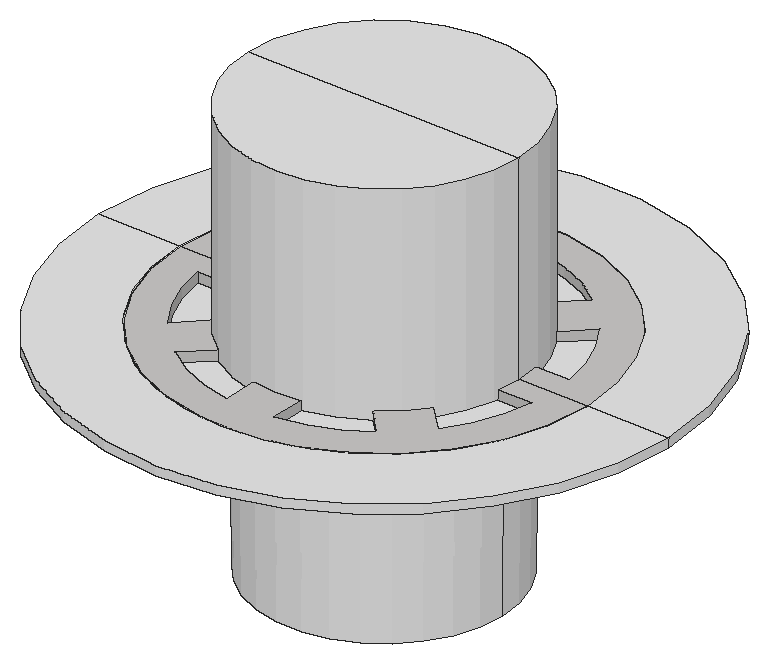
Revit family "Viking Roofspec Drain 01 M02", category Pipe Fittings, host Face, Revit 2021
Family settings
  Host = Face
  Round Connector Dimension = Use Diameter
  Part Type = Cap
  Cut with Voids When Loaded = No
  Shared = No
Parameters (values of type "Drains - All Through Balcony Drain - 80mm")
  URL = "www.vikingroofspec.co.nz"
  Type Comments = "Viking Roofspec 80mmØ ALLThrough balcony drain SDM057 installed as per manufacturers instructions."
  Pipe Diameter = 80 mm
  Overall Cut Height = 2.8 mm
  Overall Cut Diameter = 180.1 mm
  Model = "SDM057"
  Material = Viking Roofspec - Plastic White
  Manufacturer = "Viking Roofspec"  # constant formula
  Height = 62.6 mm
  Grate Material = Viking Roofspec - Stainless Steel
  Flow Out = 3.26 L/s
  Default Elevation = 0 mm
  Cut Height = 68.9 mm
  Cut Diameter = 140 mm
  Component = SDM057 : SDM057
Reference planes
  plane 1 "Center (Front/Back)": y = 0
  plane 2: z = 0
  plane 3 "Center (Left/Right)": x = 0
  plane 4 "Pipe Connector": z = -68.9
  plane 5 "Pipe Top Connector": z = 62.6
  plane 6: z = -2.8
Forms (mm)
  Extrusion 1, void
    sketch origin (0, 0, 0) x (1, 0, 0) y (0, 1, 0)
      loop
        circle (0, 0) r 70
    from 0 to -68.9
  Extrusion 2, void
    sketch origin (0, 0, 0) x (1, 0, 0) y (0, 1, 0)
      loop
        circle (0, 0) r 90.05
    from -2.8 to 0
Dimensions and locks
  "Cut Height": host face to plane 4 "Pipe Connector"
  "Overall Cut Height": level to plane 6
  "Height": plane 5 "Pipe Top Connector" to host face
  "Cut Diameter": diameter of Extrusion 1 sketch curve
  "Overall Cut Diameter": diameter of Extrusion 2 sketch curve
  aligned and locked: plane 2 to host face
  aligned and locked: level to host face
  aligned and locked: plane 4 "Pipe Connector" to Extrusion 1
  aligned and locked: Extrusion 2 to plane 6
Automatic sketch dimensions
  host sketch curve to host sketch curve = 2438.4 mm  (x2)
  plane 1 "Center (Front/Back)" to Extrusion 1 sketch curve = 0 mm
  Extrusion 1 sketch curve to plane 3 "Center (Left/Right)" = 0 mm
  plane 1 "Center (Front/Back)" to Extrusion 2 sketch curve = 0 mm
  Extrusion 2 sketch curve to plane 3 "Center (Left/Right)" = 0 mm
Nested families
  nested 1: "SDM057" at (0, 0, 0), type <- "Component", Grate Material <- "Grate Material", Material <- "Material", type "SDM057"
Connectors
  piping at (0, 0, -68.9), diameter 80, driven by "Pipe Diameter", driven by "Flow Out"
    settings: index 3, connector inside diameter 609.6 mm, connector length 0 mm, flow factor 0, pipe flow 3.26 L/s, pressure drop 0.0 Pa, fitting loss kfactor 0, connector angle 0.00°, fixture units 0, engagement length 0 mm, angle of deflection 0.00°, flow configuration 1, flow direction 2, fitting loss method 4, system type 16, joint type 0, gender type 0, connector reference index 4, connector utility 0, adjustable connector no, is connector primary yes, connector description "Downpipe Out"
  piping at (0, 0, 62.6), diameter 80, driven by "Pipe Diameter", driven by "Flow Out"
    settings: index 4, connector inside diameter 609.6 mm, connector length 0 mm, flow factor 0, pipe flow 3.26 L/s, pressure drop 0.0 Pa, fitting loss kfactor 0, connector angle 0.00°, fixture units 0, engagement length 0 mm, angle of deflection 0.00°, flow configuration 1, flow direction 1, fitting loss method 4, system type 16, joint type 0, gender type 0, connector reference index 3, connector utility 0, adjustable connector no, is connector primary no, connector description "Downpipe In"
Definition of nested family "SDM057"
  Parameters (values of type "SDM057")
    Material [instance] = none
    Grate Material [instance] = none
    Default Elevation = 1219.2 mm
  Reference planes
    plane 1 "Center (Front/Back)": y = 0
    plane 2: z = 0
    plane 3 "Center (Left/Right)": x = 0
  Forms (mm)
    Revolve 1, solid, material <- "Material"
      sketch origin (0, 0, 0) x (1, 0, 0) y (0, 0, 1)
        loop
          line (45.65, -23.829) -> (66.451, -2.789) -> (90.059, -2.789) -> (90.059, 0) -> (64.383, 0) -> (61.398, -2.985) -> (0, -2.985) -> (0, -68.859) -> (37.58, -68.859) -> (38.077, -23.829) -> (45.65, -23.829)
        axis (0, 0) -> (0, -68.859)
      angle from 0 to 360
    Revolve 2, solid, material <- "Grate Material"
      sketch origin (0, 0, 2.384) x (1, 0, 0) y (0, 0, 1)
        loop
          line (64.383, -2.384) -> (42.707, -2.384) -> (42.707, -5.369) -> (61.398, -5.369) -> (64.383, -2.384)
        axis (0, -2.384) -> (0, -5.369)
      angle from 0 to 360
    Revolve 3, solid, material <- "Material"
      sketch origin (0, 0, 0) x (1, 0, 0) y (0, 0, 1)
        loop
          line (42.707, 62.609) -> (0, 62.609) -> (0, -2.789) -> (42.707, -2.789) -> (42.707, 62.609)
        axis (0, 62.609) -> (0, -2.789)
      angle from 0 to 360
    Extrusion 4, void
      sketch origin (300, 0, 0) x (1, 0, 0) y (0, 1, 0)
        loop
          line (-281.893, -7.5) -> (-257.324, -32.07)
          arc (-257.324, -32.07) -> (-250.681, -20.429) -> (-247.147, -7.5) r 53.383
          line (-247.147, -7.5) -> (-281.893, -7.5)
        loop
          line (-281.893, 7.5) -> (-247.147, 7.5)
          arc (-247.147, 7.5) -> (-250.681, 20.429) -> (-257.324, 32.07) r 53.383
          line (-257.324, 32.07) -> (-281.893, 7.5)
        loop
          line (-292.5, 18.107) -> (-267.93, 42.676)
          arc (-267.93, 42.676) -> (-279.571, 49.319) -> (-292.5, 52.853) r 53.383
          line (-292.5, 52.853) -> (-292.5, 18.107)
        loop
          arc (-307.5, 52.853) -> (-320.429, 49.319) -> (-332.07, 42.676) r 53.383
          line (-332.07, 42.676) -> (-307.5, 18.107) -> (-307.5, 52.853)
        loop
          line (-318.107, 7.5) -> (-342.676, 32.07)
          arc (-342.676, 32.07) -> (-349.319, 20.429) -> (-352.853, 7.5) r 53.383
          line (-352.853, 7.5) -> (-318.107, 7.5)
        loop
          line (-318.107, -7.5) -> (-352.853, -7.5)
          arc (-352.853, -7.5) -> (-349.319, -20.429) -> (-342.676, -32.07) r 53.383
          line (-342.676, -32.07) -> (-318.107, -7.5)
        loop
          line (-307.5, -18.107) -> (-332.07, -42.676)
          arc (-332.07, -42.676) -> (-320.429, -49.319) -> (-307.5, -52.853) r 53.383
          line (-307.5, -52.853) -> (-307.5, -18.107)
        loop
          line (-292.5, -18.107) -> (-292.5, -52.853)
          arc (-292.5, -52.853) -> (-279.571, -49.319) -> (-267.93, -42.676) r 53.383
          line (-267.93, -42.676) -> (-292.5, -18.107)
      from -16.9 to 82.026
  Cuts and joins
    Extrusion 4 cuts Revolve 2
  Dimensions and locks
    aligned and locked: level to plane 2
